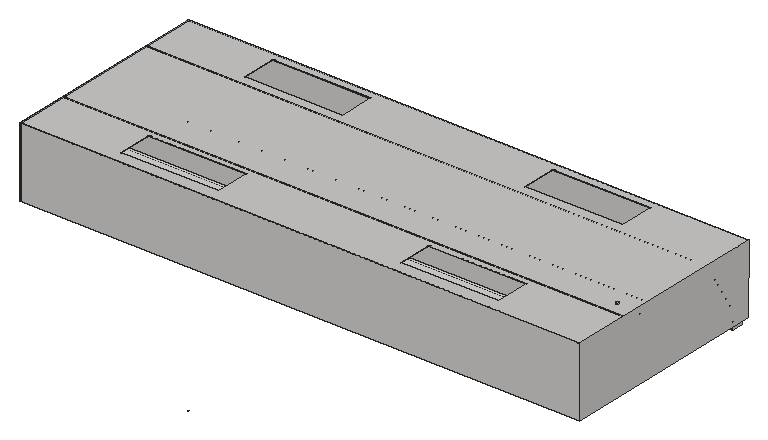
Revit family "QF_ELECTROLUXPROFESSIONAL_641264_STPF1540", category Specialty Equipment, Revit 2014
Reference planes
  plane 1: z = 0
  plane 2 "Center (Left/Right)": x = 150
  plane 3 "LEFT": x = -1850
  plane 4 "RIGHT": x = 2150
  plane 5 "BACK": y = 550
  plane 6 "TOP": z = 2500
  plane 7 "Base": z = 2000
  plane 8: z = 1955
  plane 9 "DrainY": y = 490
  plane 10: x = -1847
  plane 11 "DrainX": x = 2030
  plane 12 "AOLeft2": x = -500
  plane 13 "AORight1": x = 800
  plane 14: x = 2147
  plane 15: x = -1650
  plane 16: x = 1950
  plane 17 "Center (Front/Back)": y = -100
  plane 18 "Front": y = -950
  plane 19 "AOLeft1": x = -1200
  plane 20 "AORight2": x = 1500
  plane 21: y = -864
  plane 22: y = -614
  plane 23: y = 240
  plane 24: y = 490
  plane 25 "EI_y": y = -470
  plane 26 "EIx": x = 2030
Forms (mm)
  Extrusion 1, solid, material "QF_Finishes_Stainless Steel"
    sketch origin (-1850, 0, 360) x (0, 1, 0) y (0, 0, 1)
      loop
        line (550, 1640) -> (550, 2140) -> (-950, 2140) -> (-950, 1640) -> (550, 1640)
    from 0 to 3
  Extrusion 2, solid, material "QF_Finishes_Stainless Steel"
    sketch origin (2150, 0, 360) x (0, 1, 0) y (0, 0, 1)
      loop
        line (550, 1640) -> (550, 2140) -> (-950, 2140) -> (-950, 1640) -> (550, 1640)
    from 0 to -3
  Extrusion 3, solid, material "QF_Finishes_Stainless Steel"
    sketch origin (150, 0, 360) x (0, 1, 0) y (0, 0, 1)
      loop
        line (-950, 2140) -> (-950, 1640) -> (-940, 1640) -> (-940, 1640.8) -> (-949.2, 1640.8) -> (-949.2, 2139.19) -> (549.2, 2139.19) -> (549.2, 1640.8) -> (540, 1640.8) -> (540, 1640) -> (550, 1640) -> (550, 2140) -> (-950, 2140)
    from -2000 to 2000
  Extrusion 4, solid, material "QF_Finishes_Stainless Steel"
    sketch origin (0, 0, 2000) x (0, 1, 0) y (-1, 0, 0)
      loop
        circle (490, -2030) r 4.763
    from -30 to 0
  Extrusion 5, void
    sketch origin (0, 0, 2500) x (0, 1, 0) y (-1, 0, 0)
      loop
        line (-614, 500) -> (-614, 1200) -> (-864, 1200) -> (-864, 500) -> (-614, 500)
    from 0 to -10
  Extrusion 6, solid, material "QF_Finishes_Stainless Steel"
    sketch origin (0, 0, 0) x (1, 0, 0) y (0, 1, 0)
      loop
        line (-1850, 550) -> (-1850, 549) -> (-1849, 549) -> (-1849, 550) -> (-1850, 550)
    from 0 to 1
  Extrusion 7, solid, material "QF_LAMPS"
    sketch origin (150, 0, 360) x (0, 1, 0) y (0, 0, 1)
      loop
        line (-572.823, 1962.324) -> (-418.948, 2086.929) -> (-427.129, 2097.032) -> (-581.003, 1972.426) -> (-572.823, 1962.324)
    from 1997 to -1997
  Sweep 8, solid, material "QF_Finishes_Stainless Steel"
    path origin (0, 0, 0) x (1, 0, 0) y (0, 1, 0)
      loop
        line (2150, 550) -> (-1850, 550) -> (-1850, -950) -> (2150, -950) -> (2150, 550)
    profile origin (2150, -200, 0) x (1, 0, 0) y (0, 0, 1)
      loop
        line (-3, 2000) -> (-3, 2000.8) -> (-19, 2000.8) -> (-19, 2010) -> (-20, 2010) -> (-20, 2000) -> (-3, 2000)
  Extrusion 9, solid, material "QF_Finishes_Stainless Steel"
    sketch origin (150, 0, 0) x (0, 1, 0) y (0, 0, 1)
      loop
        line (414.66, 2095.469) -> (440.643, 2110.471) -> (261.744, 2411.771) -> (235.948, 2396.455) -> (414.66, 2095.469)
    from -1997 to -1800
  Extrusion 10, void
    sketch origin (1134.605, 0, 2500) x (0, 1, 0) y (-1, 0, 0)
      loop
        line (-614, -365.395) -> (-614, 334.605) -> (-864, 334.605) -> (-864, -365.395) -> (-614, -365.395)
    from 0 to -10
  Extrusion 11, solid, material "QF_Finishes_Stainless Steel"
    sketch origin (2030, 0, 0) x (0, 1, 0) y (0, 0, 1)
      loop
        line (539, 2000) -> (441, 2000) -> (441, 1989) -> (448.5, 1989) -> (448.5, 1965)
        arc (448.5, 1965) -> (451.429, 1957.929) -> (458.5, 1955) r 10
        line (458.5, 1955) -> (521.5, 1955)
        arc (521.5, 1955) -> (528.571, 1957.929) -> (531.5, 1965) r 10
        line (531.5, 1965) -> (531.5, 1989) -> (539, 1989) -> (539, 2000)
    from 90 to -90
  Extrusion 12, solid, material "QF_Finishes_Stainless Steel"
    sketch origin (150, 0, 0) x (0, 1, 0) y (0, 0, 1)
      loop
        line (414.66, 2095.469) -> (440.643, 2110.471) -> (261.744, 2411.771) -> (235.948, 2396.455) -> (414.66, 2095.469)
    from 1800 to 1997
  Extrusion 13, solid, material "QF_Finished_Chrome"
    sketch origin (150, 0, 0) x (0, 1, 0) y (0, 0, 1)
      loop
        line (414.66, 2095.469) -> (440.643, 2110.471) -> (261.744, 2411.771) -> (235.948, 2396.455) -> (414.66, 2095.469)
    from -1800 to 1800
  Extrusion 14, void
    sketch origin (0, 1180, 2500) x (0, 1, 0) y (-1, 0, 0)
      loop
        line (-690, 500) -> (-690, 1200) -> (-940, 1200) -> (-940, 500) -> (-690, 500)
    from 0 to -10
  Extrusion 15, void
    sketch origin (1600, 1180, 2500) x (0, 1, 0) y (-1, 0, 0)
      loop
        line (-690, 100) -> (-690, 800) -> (-940, 800) -> (-940, 100) -> (-690, 100)
    from 0 to -10
  Extrusion 16, solid, material "QF_Finishes_Stainless Steel"
    sketch origin (0, 0, 2500) x (0, 1, 0) y (-1, 0, 0)
      loop
        circle (-470, -2030) r 10
    from 0 to 1.6
  Extrusion 17, solid, material "QF_Finishes_Stainless Steel"
    sketch origin (150, 0, 360) x (0, 1, 0) y (0, 0, 1)
      loop
        line (430.005, 1640) -> (540, 1640) -> (540, 1640.8) -> (430.467, 1640.8) -> (371.906, 1742.23) -> (414.858, 1734.657) -> (442.266, 1750.481) -> (442.266, 1765.943) -> (441.466, 1765.943) -> (441.466, 1750.943) -> (414.709, 1735.495) -> (321.153, 1751.991) -> (320.875, 1750.416) -> (371.4, 1741.507) -> (430.005, 1640)
      loop
        line (172.529, 2139.19) -> (242.893, 2017.316) -> (245.133, 2018.715) -> (240.13, 2027.381) -> (238.569, 2026.405) -> (173.453, 2139.19) -> (172.529, 2139.19)
    from -1997 to 1997
  Extrusion 18, solid, material "QF_Finishes_Stainless Steel"
    sketch origin (150, 200.8, 360) x (0, 1, 0) y (0, 0, 1)
      loop
        line (-1150, 2139.19) -> (-1150, 1640) -> (-1086.602, 1640) -> (-999.146, 1690.493) -> (-1010.058, 1709.394) -> (-1066.564, 1676.77) -> (-1114.704, 1680.982) -> (-1149.2, 1730.248) -> (-1149.2, 2139.19) -> (-1150, 2139.19)
      loop
        line (-773.6, 1961.694) -> (-781.937, 1971.99) -> (-769.095, 1982.182) -> (-769.095, 2139.19) -> (-769.895, 2139.19) -> (-769.895, 1982.569) -> (-1082.298, 1734.63) -> (-1071.091, 1720.79) -> (-773.6, 1961.694)
      loop
        line (-627.61, 2099.216) -> (-618.171, 2087.559) -> (-554.411, 2139.19) -> (-555.682, 2139.19) -> (-618.052, 2088.684) -> (-626.989, 2099.719) -> (-627.61, 2099.216)
    from -1997 to 1997
  Extrusion 19, solid, material "QF_Finishes_Stainless Steel"
    sketch origin (0, 0, 2500) x (0, 1, 0) y (-1, 0, 0)
      loop
        circle (-470, -2030) r 10
    from 0 to 1.6
Cuts and joins
  Extrusion 5, Extrusion 10, Extrusion 14, Extrusion 15 cuts Extrusion 3
  joined: Extrusion 2, Extrusion 3, Sweep 8
Lines and regions (mm)
  symbolic lines, style "SpecialityEquipment", detail levels coarse
    curve 1: line (2150, 550, 2500) -> (-1850, 550, 2500)
    curve 2: line (-1850, 550, 2500) -> (-1850, -950, 2500)
    curve 3: line (2150, -950, 2500) -> (2150, 550, 2500)
    curve 4: line (-1850, 550, 0) -> (2150, -950, 0)
    curve 5: line (2150, 550, 0) -> (-1850, -950, 0)
    curve 6: line (-1850, -950, 0) -> (2150, -950, 0)
  symbolic lines, detail levels coarse
    curve 7: line (-1200, 240, 2500) -> (-500, 240, 2500)
    curve 8: line (-1200, 490, 2500) -> (-1200, 240, 2500)
    curve 9: line (-500, 490, 2500) -> (-1200, 490, 2500)
    curve 10: line (-500, 240, 2500) -> (-500, 490, 2500)
    curve 11: line (800, 490, 2500) -> (800, 240, 2500)
    curve 12: line (1500, 490, 2500) -> (800, 490, 2500)
    curve 13: line (800, 240, 2500) -> (1500, 240, 2500)
    curve 14: line (1500, 240, 2500) -> (1500, 490, 2500)
    curve 15: line (-1200, -614, 2500) -> (-500, -614, 2500)
    curve 16: line (-1200, -864, 2500) -> (-1200, -614, 2500)
    curve 17: line (-500, -864, 2500) -> (-1200, -864, 2500)
    curve 18: line (-500, -614, 2500) -> (-500, -864, 2500)
    curve 19: line (800, -614, 2500) -> (1500, -614, 2500)
    curve 20: line (800, -864, 2500) -> (800, -614, 2500)
    curve 21: line (1500, -864, 2500) -> (800, -864, 2500)
    curve 22: line (1500, -614, 2500) -> (1500, -864, 2500)
Dimensions and locks
  plane 3 "LEFT" to plane 4 "RIGHT" = 4000 mm
  equal spacing: plane 3 "LEFT", plane 2 "Center (Left/Right)", plane 4 "RIGHT"
  plane 7 "Base" to plane 8 = 45 mm
  plane 5 "BACK" to plane 9 "DrainY" = 60 mm  (x2)
  plane 3 "LEFT" to plane 10 = 3 mm
  plane 11 "DrainX" to plane 4 "RIGHT" = 120 mm
  plane 14 to plane 4 "RIGHT" = 3 mm
  plane 3 "LEFT" to plane 15 = 200 mm
  plane 16 to plane 4 "RIGHT" = 200 mm
  locked: plane 12 "AOLeft2" to plane 13 "AORight1" at 1300
  equal spacing: plane 12 "AOLeft2", plane 2 "Center (Left/Right)", plane 13 "AORight1"
  locked: plane 7 "Base" to level at 2000
  locked: plane 6 "TOP" to plane 7 "Base" at 500
  locked: plane 19 "AOLeft1" to plane 12 "AOLeft2" at 700
  locked: plane 13 "AORight1" to plane 20 "AORight2" at 700
  locked: plane 22 to plane 21 at 250
  locked: plane 21 to plane 18 "Front" at 86
  locked: plane 24 to plane 23 at 250
  locked: plane 5 "BACK" to plane 24 at 60
  locked: plane 25 "EI_y" to plane 18 "Front" at 480
  locked: plane 26 "EIx" to plane 4 "RIGHT" at 120
  locked: plane 5 "BACK" to plane 18 "Front" at 1500
  plane 5 "BACK" to plane 18 "Front" = 1500 mm
  aligned and locked: level to plane 1
  aligned and locked: plane 4 "RIGHT" to Extrusion 3
  aligned and locked: Extrusion 3 to plane 3 "LEFT"
  aligned and locked: Extrusion 2 to plane 14
  aligned and locked: Extrusion 9 to plane 10
  aligned and locked: Extrusion 5 to plane 19 "AOLeft1"
  aligned and locked: Extrusion 5 to plane 12 "AOLeft2"
  aligned and locked: plane 20 "AORight2" to Extrusion 10
  aligned and locked: plane 13 "AORight1" to Extrusion 10
  aligned and locked: plane 15 to Extrusion 9
  aligned and locked: plane 16 to Extrusion 12
  aligned and locked: plane 14 to Extrusion 12
  aligned and locked: Extrusion 13 to plane 15
  aligned and locked: Extrusion 13 to plane 16
  aligned and locked: plane 14 to Extrusion 7
  aligned and locked: Extrusion 7 to plane 10
  aligned and locked: Extrusion 14 to plane 23
  aligned and locked: plane 24 to Extrusion 14
  aligned and locked: plane 24 to Extrusion 15
  aligned and locked: Extrusion 15 to plane 23
  aligned and locked: plane 13 "AORight1" to Extrusion 15
  aligned and locked: plane 20 "AORight2" to Extrusion 15
  aligned and locked: Extrusion 14 to plane 19 "AOLeft1"
  aligned and locked: Extrusion 14 to plane 12 "AOLeft2"
  aligned and locked: Extrusion 17 to plane 10
  aligned and locked: plane 14 to Extrusion 17
  aligned and locked: Extrusion 5 to plane 21
  aligned and locked: plane 22 to Extrusion 5
  aligned and locked: Extrusion 10 to plane 21
  aligned and locked: Extrusion 18 to plane 10
  aligned and locked: plane 14 to Extrusion 18
Automatic sketch dimensions
  curve 6 to plane 3 "LEFT" = 0 mm
  curve 4 to plane 3 "LEFT" = 0 mm
  curve 5 to plane 4 "RIGHT" = 0 mm
  curve 6 to plane 4 "RIGHT" = 0 mm
  curve 4 to plane 18 "Front" = 0 mm
  curve 5 to plane 5 "BACK" = 0 mm
  curve 4 to plane 5 "BACK" = 0 mm
  Extrusion 1 sketch curve to plane 7 "Base" = 0 mm
  Extrusion 1 sketch curve to plane 18 "Front" = 0 mm
  Extrusion 1 sketch curve to plane 5 "BACK" = 0 mm
  Extrusion 1 sketch curve to plane 6 "TOP" = 0 mm
  Extrusion 2 sketch curve to plane 7 "Base" = 0 mm
  Extrusion 2 sketch curve to plane 18 "Front" = 0 mm
  Extrusion 2 sketch curve to plane 5 "BACK" = 0 mm
  Extrusion 2 sketch curve to plane 6 "TOP" = 0 mm
  Extrusion 3 sketch curve to plane 6 "TOP" = 0 mm
  Extrusion 3 sketch curve to plane 18 "Front" = 0 mm
  Extrusion 3 sketch curve to plane 7 "Base" = 0 mm  (x2)
  Extrusion 3 sketch curve to plane 5 "BACK" = 0 mm
  plane 18 "Front" to Extrusion 3 sketch curve = 0.8 mm
  Extrusion 3 sketch curve to Extrusion 3 sketch curve = 9.2 mm
  plane 7 "Base" to Extrusion 3 sketch curve = 0.8 mm  (x2)
  Extrusion 3 sketch curve to plane 5 "BACK" = 10 mm
  Extrusion 3 sketch curve to plane 5 "BACK" = 0.8 mm
  Extrusion 3 sketch curve to plane 6 "TOP" = 0.81 mm
  Extrusion 4 sketch curve to plane 9 "DrainY" = 0 mm
  Extrusion 4 sketch curve to plane 11 "DrainX" = 0 mm
  Extrusion 5 sketch curve to plane 12 "AOLeft2" = 0 mm
  Extrusion 5 sketch curve to plane 21 = 0 mm
  Extrusion 5 sketch curve to plane 22 = 0 mm
  Extrusion 5 sketch curve to plane 19 "AOLeft1" = 0 mm
  Extrusion 6 sketch curve to plane 3 "LEFT" = 0 mm
  Extrusion 6 sketch curve to plane 5 "BACK" = 0 mm
  plane 3 "LEFT" to Extrusion 6 sketch curve = 1 mm
  Extrusion 6 sketch curve to Extrusion 6 sketch curve = 1 mm
  plane 22 to Extrusion 7 sketch curve = 32.997 mm
  Extrusion 7 sketch curve to Extrusion 7 sketch curve = 8.181 mm  (x2)
  plane 25 "EI_y" to Extrusion 7 sketch curve = 42.871 mm
  Extrusion 7 sketch curve to plane 6 "TOP" = 177.676 mm
  Extrusion 7 sketch curve to Extrusion 7 sketch curve = 10.102 mm
  Extrusion 7 sketch curve to plane 6 "TOP" = 53.071 mm
  Extrusion 7 sketch curve to Extrusion 7 sketch curve = 10.103 mm
  Sweep 8 sketch curve to plane 3 "LEFT" = 0 mm
  Sweep 8 sketch curve to plane 4 "RIGHT" = 0 mm
  Sweep 8 sketch curve to plane 18 "Front" = 0 mm
  Sweep 8 sketch curve to plane 5 "BACK" = 0 mm
  profile plane to Sweep 8 sketch curve = 20 mm
  Sweep 8 sketch curve to Sweep 8 sketch curve = 1 mm
  profile plane to Sweep 8 sketch curve = 3 mm
  level to Sweep 8 sketch curve = 2000 mm
  Sweep 8 sketch curve to Sweep 8 sketch curve = 0.8 mm
  Sweep 8 sketch curve to Sweep 8 sketch curve = 9.2 mm
  Extrusion 9 sketch curve to plane 23 = 4.052 mm
  plane 23 to Extrusion 9 sketch curve = 21.744 mm
  Extrusion 9 sketch curve to plane 9 "DrainY" = 75.34 mm
  Extrusion 9 sketch curve to Extrusion 9 sketch curve = 25.983 mm
  plane 7 "Base" to Extrusion 9 sketch curve = 95.469 mm
  Extrusion 9 sketch curve to Extrusion 9 sketch curve = 15.001 mm
  Extrusion 9 sketch curve to plane 6 "TOP" = 103.545 mm
  Extrusion 9 sketch curve to Extrusion 9 sketch curve = 15.316 mm
  Extrusion 10 sketch curve to plane 20 "AORight2" = 0 mm
  Extrusion 10 sketch curve to plane 21 = 0 mm
  Extrusion 10 sketch curve to plane 22 = 0 mm
  Extrusion 10 sketch curve to plane 13 "AORight1" = 0 mm
  Extrusion 11 sketch curve to plane 8 = 0 mm
  Extrusion 11 sketch curve to plane 7 "Base" = 11 mm  (x2)
  Extrusion 11 sketch curve to plane 9 "DrainY" = 49 mm
  Extrusion 11 sketch curve to Extrusion 11 sketch curve = 7.5 mm  (x2)
  Extrusion 11 sketch curve to Extrusion 11 sketch curve = 10 mm
  Extrusion 11 sketch curve to plane 5 "BACK" = 28.5 mm
  Extrusion 11 sketch curve to plane 5 "BACK" = 18.5 mm
  plane 7 "Base" to Extrusion 11 sketch curve = 0 mm
  Extrusion 12 sketch curve to plane 23 = 4.052 mm
  plane 23 to Extrusion 12 sketch curve = 21.744 mm
  Extrusion 12 sketch curve to plane 9 "DrainY" = 75.34 mm
  Extrusion 12 sketch curve to Extrusion 12 sketch curve = 25.983 mm
  plane 7 "Base" to Extrusion 12 sketch curve = 95.469 mm
  Extrusion 12 sketch curve to Extrusion 12 sketch curve = 15.001 mm
  Extrusion 12 sketch curve to plane 6 "TOP" = 103.545 mm
  Extrusion 12 sketch curve to Extrusion 12 sketch curve = 15.316 mm
  Extrusion 13 sketch curve to plane 23 = 4.052 mm
  plane 23 to Extrusion 13 sketch curve = 21.744 mm
  Extrusion 13 sketch curve to plane 9 "DrainY" = 75.34 mm
  Extrusion 13 sketch curve to Extrusion 13 sketch curve = 25.983 mm
  plane 7 "Base" to Extrusion 13 sketch curve = 95.469 mm
  Extrusion 13 sketch curve to Extrusion 13 sketch curve = 15.001 mm
  Extrusion 13 sketch curve to plane 6 "TOP" = 103.545 mm
  Extrusion 13 sketch curve to Extrusion 13 sketch curve = 15.316 mm
  Extrusion 14 sketch curve to plane 12 "AOLeft2" = 0 mm
  Extrusion 14 sketch curve to plane 23 = 0 mm
  Extrusion 14 sketch curve to plane 9 "DrainY" = 0 mm
  Extrusion 14 sketch curve to plane 19 "AOLeft1" = 0 mm
  Extrusion 15 sketch curve to plane 20 "AORight2" = 0 mm
  Extrusion 15 sketch curve to plane 23 = 0 mm
  Extrusion 15 sketch curve to plane 9 "DrainY" = 0 mm
  Extrusion 15 sketch curve to plane 13 "AORight1" = 0 mm
  Extrusion 16 sketch curve to plane 25 "EI_y" = 0 mm
  Extrusion 16 sketch curve to plane 26 "EIx" = 0 mm
  Extrusion 17 sketch curve to plane 7 "Base" = 0 mm
  Extrusion 17 sketch curve to plane 6 "TOP" = 0.81 mm
  Extrusion 17 sketch curve to plane 23 = 67.471 mm
  Extrusion 17 sketch curve to Extrusion 17 sketch curve = 0.924 mm
  Extrusion 17 sketch curve to plane 23 = 1.431 mm
  plane 23 to Extrusion 17 sketch curve = 0.13 mm
  plane 23 to Extrusion 17 sketch curve = 2.893 mm
  Extrusion 17 sketch curve to Extrusion 17 sketch curve = 2.24 mm
  plane 23 to Extrusion 17 sketch curve = 80.875 mm
  Extrusion 17 sketch curve to Extrusion 17 sketch curve = 0.278 mm
  Extrusion 17 sketch curve to Extrusion 17 sketch curve = 50.525 mm
  Extrusion 17 sketch curve to Extrusion 17 sketch curve = 0.506 mm
  Extrusion 17 sketch curve to Extrusion 17 sketch curve = 42.803 mm
  Extrusion 17 sketch curve to Extrusion 17 sketch curve = 0.148 mm
  Extrusion 17 sketch curve to plane 9 "DrainY" = 59.995 mm
  plane 7 "Base" to Extrusion 17 sketch curve = 0.8 mm
  Extrusion 17 sketch curve to Extrusion 17 sketch curve = 0.462 mm  (x2)
  Extrusion 17 sketch curve to Extrusion 17 sketch curve = 109.533 mm
  Extrusion 17 sketch curve to Extrusion 17 sketch curve = 26.757 mm
  Extrusion 17 sketch curve to Extrusion 17 sketch curve = 0.8 mm
  plane 7 "Base" to Extrusion 17 sketch curve = 94.657 mm
  Extrusion 17 sketch curve to Extrusion 17 sketch curve = 0.838 mm
  Extrusion 17 sketch curve to Extrusion 17 sketch curve = 6.012 mm
  Extrusion 17 sketch curve to Extrusion 17 sketch curve = 0.723 mm
  Extrusion 17 sketch curve to Extrusion 17 sketch curve = 14.986 mm
  Extrusion 17 sketch curve to Extrusion 17 sketch curve = 15 mm
  Extrusion 17 sketch curve to plane 6 "TOP" = 122.684 mm
  Extrusion 17 sketch curve to Extrusion 17 sketch curve = 1.399 mm
  Extrusion 17 sketch curve to Extrusion 17 sketch curve = 9.089 mm
  Extrusion 17 sketch curve to Extrusion 17 sketch curve = 0.975 mm
  Extrusion 18 sketch curve to plane 7 "Base" = 0 mm
  plane 18 "Front" to Extrusion 18 sketch curve = 0.8 mm
  Extrusion 18 sketch curve to Extrusion 18 sketch curve = 0.8 mm  (x2)
  plane 18 "Front" to Extrusion 18 sketch curve = 36.096 mm
  Extrusion 18 sketch curve to plane 21 = 21.802 mm
  Extrusion 18 sketch curve to plane 21 = 17.498 mm
  Extrusion 18 sketch curve to plane 21 = 6.291 mm
  Extrusion 18 sketch curve to plane 21 = 1.764 mm
  plane 21 to Extrusion 18 sketch curve = 54.742 mm
  Extrusion 18 sketch curve to Extrusion 18 sketch curve = 10.912 mm
  plane 22 to Extrusion 18 sketch curve = 32.863 mm
  Extrusion 18 sketch curve to Extrusion 18 sketch curve = 8.337 mm
  Extrusion 18 sketch curve to Extrusion 18 sketch curve = 12.042 mm
  plane 25 "EI_y" to Extrusion 18 sketch curve = 43.19 mm
  Extrusion 18 sketch curve to Extrusion 18 sketch curve = 0.622 mm
  Extrusion 18 sketch curve to Extrusion 18 sketch curve = 9.44 mm
  Extrusion 18 sketch curve to Extrusion 18 sketch curve = 0.118 mm
  Extrusion 18 sketch curve to plane 6 "TOP" = 0.81 mm  (x3)
  Extrusion 18 sketch curve to Extrusion 18 sketch curve = 62.37 mm
  Extrusion 18 sketch curve to Extrusion 18 sketch curve = 1.271 mm
  plane 7 "Base" to Extrusion 18 sketch curve = 36.77 mm
  plane 7 "Base" to Extrusion 18 sketch curve = 40.982 mm
  plane 7 "Base" to Extrusion 18 sketch curve = 50.493 mm
  Extrusion 18 sketch curve to Extrusion 18 sketch curve = 18.901 mm
  Extrusion 18 sketch curve to Extrusion 18 sketch curve = 44.02 mm
  Extrusion 18 sketch curve to Extrusion 18 sketch curve = 49.266 mm
  Extrusion 18 sketch curve to Extrusion 18 sketch curve = 13.84 mm
  Extrusion 18 sketch curve to plane 6 "TOP" = 178.306 mm
  Extrusion 18 sketch curve to Extrusion 18 sketch curve = 10.296 mm
  Extrusion 18 sketch curve to Extrusion 18 sketch curve = 10.192 mm
  Extrusion 18 sketch curve to Extrusion 18 sketch curve = 0.386 mm
  Extrusion 18 sketch curve to plane 6 "TOP" = 52.441 mm
  Extrusion 18 sketch curve to Extrusion 18 sketch curve = 1.125 mm
  Extrusion 19 sketch curve to plane 25 "EI_y" = 0 mm
  Extrusion 19 sketch curve to plane 26 "EIx" = 0 mm
  curve 2 to plane 3 "LEFT" = 0 mm
  curve 2 to plane 18 "Front" = 0 mm
  curve 3 to plane 4 "RIGHT" = 0 mm
  curve 3 to plane 18 "Front" = 0 mm
  curve 21 to plane 13 "AORight1" = 0 mm
  curve 21 to plane 21 = 0 mm
  curve 18 to plane 12 "AOLeft2" = 0 mm
  curve 18 to plane 21 = 0 mm
  curve 19 to plane 20 "AORight2" = 0 mm
  curve 19 to plane 22 = 0 mm
  curve 15 to plane 22 = 0 mm
  curve 13 to plane 13 "AORight1" = 0 mm
  curve 13 to plane 23 = 0 mm
  curve 10 to plane 12 "AOLeft2" = 0 mm
  curve 10 to plane 23 = 0 mm
  curve 14 to plane 9 "DrainY" = 0 mm
  curve 10 to plane 9 "DrainY" = 0 mm
  curve 2 to plane 5 "BACK" = 0 mm
  curve 14 to plane 20 "AORight2" = 0 mm
  curve 17 to plane 19 "AOLeft1" = 0 mm
  curve 7 to plane 19 "AOLeft1" = 0 mm
  radius of Extrusion 4 sketch curve = 4.763 mm
  radius of Extrusion 16 sketch curve = 10 mm
  radius of Extrusion 19 sketch curve = 10 mm
Connectors
  piping at (2030, 490, 1970), diameter 9.5
    settings: on Extrusion 4, index 1, connector inside diameter 609.6 mm, connector length 0 mm, flow factor 0, pipe flow 0.0 L/s, pressure drop 0.0 Pa, fitting loss kfactor 0, connector angle 0.00°, fixture units 0, engagement length 0 mm, angle of deflection 0.00°, flow configuration 1, flow direction 2, fitting loss method 0, system type 16, joint type 0, gender type 0, connector reference index -1, connector utility 0, adjustable connector no, is connector primary yes, connector description "Drain"
  hvac at (-850, -739, 2500)
    settings: on Extrusion 5, index 2, duct flow 0.0 L/s, flow factor 0, pres drop 0.0 Pa, loss coef 0, conn angle 0.00°, conn width 250 mm, conn height 700 mm, conn diameter 609.6 mm, duct sys type 1, conn prof type 1, flow config 1, flow direction 1, loss method 0, conn ref index -1, conn util no, is conn primary yes, conn desc "AIR INLET"
  hvac at (1150, -739, 2500)
    settings: on Extrusion 10, index 3, duct flow 0.0 L/s, flow factor 0, pres drop 0.0 Pa, loss coef 0, conn angle 0.00°, conn width 250 mm, conn height 700 mm, conn diameter 609.6 mm, duct sys type 1, conn prof type 1, flow config 1, flow direction 1, loss method 0, conn ref index -1, conn util no, is conn primary no, conn desc "AIR INLET"
  hvac at (-850, 365, 2500)
    settings: on Extrusion 14, index 4, duct flow 0.0 L/s, flow factor 0, pres drop 0.0 Pa, loss coef 0, conn angle 0.00°, conn width 250 mm, conn height 700 mm, conn diameter 609.6 mm, duct sys type 3, conn prof type 1, flow config 1, flow direction 2, loss method 0, conn ref index -1, conn util no, is conn primary no, conn desc "EXHAUST OUTLET"
  hvac at (1150, 365, 2500)
    settings: on Extrusion 15, index 5, duct flow 0.0 L/s, flow factor 0, pres drop 0.0 Pa, loss coef 0, conn angle 0.00°, conn width 250 mm, conn height 700 mm, conn diameter 609.6 mm, duct sys type 3, conn prof type 1, flow config 1, flow direction 2, loss method 0, conn ref index -1, conn util no, is conn primary no, conn desc "EXHAUST OUTLET"
  electrical at (2030, -470, 2501.6)
    settings: on Extrusion 16, index 6, voltage 0 V, apparent load 0 VA, apparent load phase1 0 VA, apparent load phase2 0 VA, apparent load phase3 0 VA, power factor 1, load classification "Other", number of poles 1, system type 30, power factor state 1, is connector primary yes, connector utility no, sub classification motor no, connector description "Electrical Connection"
  electrical at (2030, -470, 2501.6)
    settings: on Extrusion 19, index 12, voltage 0 V, apparent load 0 VA, apparent load phase1 0 VA, apparent load phase2 0 VA, apparent load phase3 0 VA, power factor 1, load classification "Other", number of poles 1, system type 30, power factor state 1, is connector primary no, connector utility no, sub classification motor no, connector description ""
